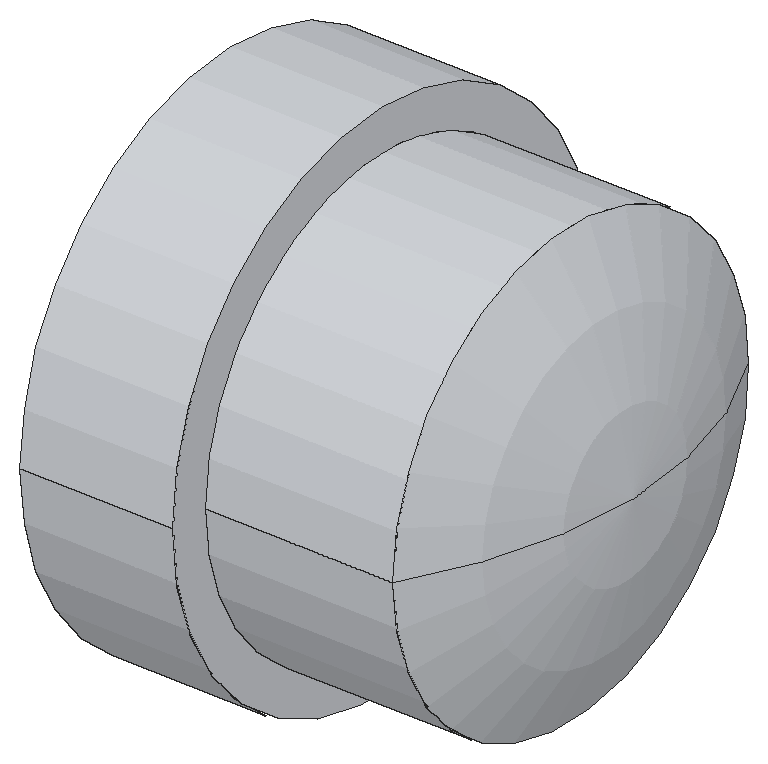
Revit family "M_Cap - Threaded - MI - Class 150", category Pipe Fittings, Revit 2014
Parameters (values of type "Standard")
  Radius 1 [instance] = 0.5 * Fitting Outside Radius ^ 2 / Length 1 + Length 1 / 2  # 14.229 mm
  Lookup Table Name = "M_Cap - Threaded - MI - Class 150"
  Length 1 [instance] = (Height - Band Width) * 0.25  # 2.1 mm
  Nominal Radius [instance] = 3 mm
  Nominal Diameter [instance] = Nominal Radius * 2  # 6 mm
  Metal Thickness [instance] = size_lookup(Lookup Table Name, "MThk", 0.04 * Nominal Diameter + 2.183 mm, Nominal Diameter)  # 2.29 mm
  Height [instance] = size_lookup(Lookup Table Name, "Hgt", 0.34 * Nominal Diameter + 17.462 mm, Nominal Diameter)  # 13.5 mm
  Fitting Outside Radius [instance] = Fitting Outside Diameter / 2  # 7.44 mm
  Fitting Outside Diameter [instance] = Fitting Inside Diameter + Metal Thickness * 2  # 14.88 mm
  Fitting Inside Diameter [instance] = size_lookup(Lookup Table Name, "FID", 1.08 * Nominal Diameter + 5.159 mm, Nominal Diameter)  # 10.3 mm
  Band Width [instance] = size_lookup(Lookup Table Name, "BWid", 0.12 * Nominal Diameter + 4.465 mm, Nominal Diameter)  # 5.1 mm
  Band Outside Radius [instance] = Band Outside Diameter / 2  # 8.8 mm
  Band Outside Diameter [instance] = size_lookup(Lookup Table Name, "BOD", 1.23 * Nominal Diameter + 12.402 mm, Nominal Diameter)  # 17.6 mm
  Angle [instance] = asin(Fitting Outside Radius / Radius 1)  # 31.5243°
Reference planes
  plane 1 "Center (Front/Back)": y = 0
  plane 2: z = 0
  plane 3 "Center (Left/Right)": x = 0
  plane 4: x = 13.5
  plane 5: x = 5.1
  plane 6: x = -0.729
  plane 7: x = 11.4
  plane 8: y = 7.44
Forms (mm)
  Extrusion 1, solid, detail levels fine
    sketch origin (0, 0, 0) x (0, 1, 0) y (0, 0, 1)
      loop
        circle (0, 0) r 8.8
    from 0 to 5.1
  Revolve 2, solid, detail levels fine
    sketch origin (0, 0, 0) x (1, 0, 0) y (0, 1, 0)
      loop
        arc (13.5, 0) -> (12.965, 3.865) -> (11.4, 7.44) r 14.229
        line (11.4, 7.44) -> (5.1, 7.44) -> (5.1, 0) -> (13.5, 0)
      axis (5.1, 0) -> (13.5, 0)
    angle from 0 to 360
Cuts and joins
  joined: Extrusion 1, Revolve 2
Lines and regions (mm)
  model lines, detail levels coarse+medium
    curve 1: line (0, 8.8, 0) -> (13.5, 8.8, 0)
    curve 2: line (0, -8.8, 0) -> (13.5, -8.8, 0)
    curve 3: line (13.5, -8.8, 0) -> (13.5, 8.8, 0)
Dimensions and locks
  "Height": plane 3 "Center (Left/Right)" to plane 4
  "Band Width": plane 3 "Center (Left/Right)" to plane 5
  equal spacing: curve 2, plane 1 "Center (Front/Back)", curve 1
  "Band Outside Diameter": curve 2 to curve 1
  equal spacing: curve 3, plane 1 "Center (Front/Back)", curve 3
  "Band Outside Diameter": curve 3 to curve 3
  "Radius 1": plane 6 to plane 4
  "Length 1": plane 7 to plane 4
  "Fitting Outside Radius": plane 8 to plane 1 "Center (Front/Back)"
  "Band Outside Radius": radius of Extrusion 1 sketch curve
  "Radius 1": radius of Revolve 2 sketch curve
  "Angle": angle Revolve 2 sketch curve to Revolve 2 sketch curve
  aligned and locked: plane 1 "Center (Front/Back)" to Extrusion 1 sketch curve
  aligned and locked: plane 2 to Extrusion 1 sketch curve
  aligned and locked: Extrusion 1 to plane 3 "Center (Left/Right)"
  aligned and locked: plane 5 to Extrusion 1
  aligned and locked: plane 3 "Center (Left/Right)" to curve 2
  aligned and locked: plane 3 "Center (Left/Right)" to curve 1
  aligned and locked: plane 4 to curve 3
  aligned and locked: plane 1 "Center (Front/Back)" to Revolve 2 sketch curve  (x4)
  aligned and locked: plane 5 to Revolve 2 sketch curve  (x2)
  aligned and locked: Revolve 2 sketch curve to plane 8
  aligned and locked: plane 4 to Revolve 2 sketch curve
Automatic sketch dimensions
  plane 4 to Revolve 2 sketch curve = 9.066 mm
  Revolve 2 sketch curve to Revolve 2 sketch curve = 10 mm
Connectors
  piping at (0, 0, 0), diameter 6, driven by "Nominal Radius"
    settings: on Extrusion 1, index 1, connector inside diameter 609.6 mm, connector length 0 mm, flow factor 0, pipe flow 0.0 L/s, pressure drop 0.0 Pa, fitting loss kfactor 0, connector angle 0.00°, fixture units 0, engagement length 0 mm, angle of deflection 0.00°, flow configuration 0, flow direction 0, fitting loss method 0, system type 28, joint type 0, gender type 0, connector reference index -1, connector utility 0, adjustable connector no, is connector primary yes, connector description ""
